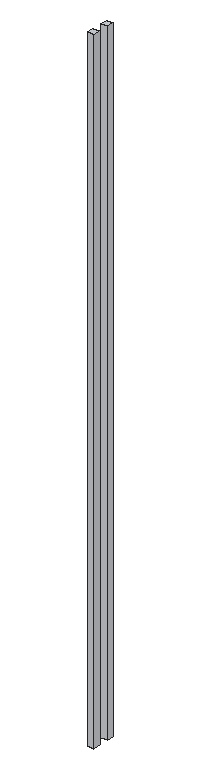
Revit family "M_Padrão do montante_2x1", category Modelos genéricos, Revit 2019
Family settings
  Pode hospedar o vergalhão = Não
  Cota do conector redondo = Utilizar diâmetro
  Tipo de parte = Normal
  Com base no plano de trabalho = Não
  Sempre na vertical = Sim
  Corte com vazios quando carregada = Não
  Compartilhado = Sim
  Ponto de cálculo do ambiente = Não
Parameters
  Largura [instance] = 1200 mm
  Espessura = 12.7 mm
  Altura [instance] = 1200 mm
  Material interior [instance] = none
  Material externo [instance] = none
  Distância = 19.05 mm
Reference planes
  plane 1 "Centro (Frente/Trás)": y = 0
  plane 2: z = 0
  plane 3 "Centro (Esquerda/Direita)": x = 0
  plane 4: z = 1200
  plane 5: x = -600
  plane 6: x = 600
  plane 7: z = 600
  plane 8 "a": y = 9.525
  plane 9 "b": y = -9.525
  plane 10: y = 22.225
  plane 11: y = -22.225
  plane 12: x = -6.35
  plane 13: x = 6.35
Forms (mm)
  Extrusion 1, solid, material <- "Material interior", detail levels fine
    sketch origin (0, -9.525, 0) x (-1, 0, 0) y (0, 0, 1)
      loop
        line (-6.35, 1200) -> (-6.35, 0) -> (6.35, 0) -> (6.35, 1200) -> (-6.35, 1200)
    from -12.7 to 0
  Extrusion 2, solid, material <- "Material externo", detail levels fine
    sketch origin (0, 9.525, 0) x (-1, 0, 0) y (0, 0, 1)
      loop
        line (6.35, 1200) -> (-6.35, 1200) -> (-6.35, 0) -> (6.35, 0) -> (6.35, 1200)
    from 0 to 12.7
Lines and regions (mm)
  model lines, detail levels medium
    curve 1: line (0, -9.525, 1200) -> (0, -9.525, 0)
    curve 2: line (0, 9.525, 1200) -> (0, 9.525, 0)
Dimensions and locks
  equal spacing: plane 6, plane 3 "Centro (Esquerda/Direita)", plane 5
  "Largura": plane 6 to plane 5
  "Altura": plane 4 to plane 2
  equal spacing: plane 4, plane 7, plane 2
  equal spacing: plane 8 "a", plane 1 "Centro (Frente/Trás)", plane 9 "b"
  "Distância": plane 8 "a" to plane 9 "b"
  locked: plane 3 "Centro (Esquerda/Direita)" to Extrusion 1 sketch curve at 6.35  (x2)
  "Espessura": plane 10 to plane 8 "a"
  "Espessura": plane 9 "b" to plane 11
  equal spacing: plane 12, plane 3 "Centro (Esquerda/Direita)", plane 13
  locked: plane 12 to plane 13 at 12.7
  aligned and locked: plane 2 to level
  aligned and locked: plane 4 to curve 1
  aligned and locked: plane 2 to curve 1
  aligned and locked: Extrusion 1 sketch curve to plane 4
  aligned and locked: Extrusion 1 sketch curve to level
  aligned and locked: plane 11 to Extrusion 1
  aligned and locked: plane 9 "b" to Extrusion 1
  aligned and locked: Extrusion 2 sketch curve to Extrusion 1  (x4)
  aligned and locked: Extrusion 2 to plane 10
  aligned and locked: level to curve 2
  aligned and locked: curve 2 to plane 3 "Centro (Esquerda/Direita)"
  aligned and locked: plane 4 to curve 2
Automatic sketch dimensions
  curve 1 to plane 3 "Centro (Esquerda/Direita)" = 0 mm
